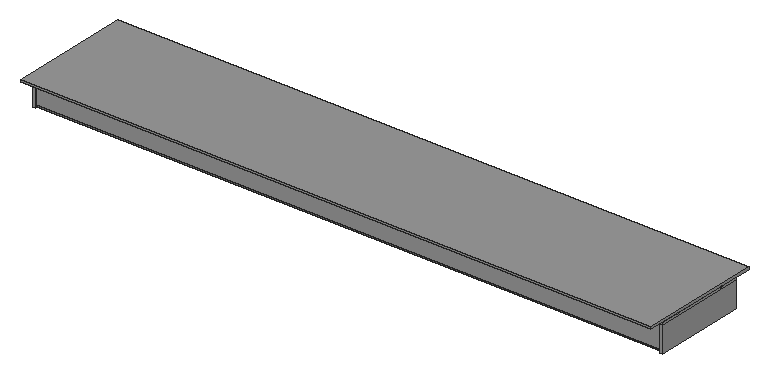
Revit family "Berica 2.2 M", category Lighting Fixtures, Revit 2020 (continued)
Definition of nested family "Light Source Berica 2.2"
  Types (4, lengths in mm): name | Photometric Web File | built-in parameter 1150142
      1.12 919.09 916.67 913.10 910.20 906.23 902.30 \r\n897.83 893.90 889.11 884.05 878.28 872.60 866.54 859.98 \r\n853.36 846.15 838.51 829.69 822.10 812.25 805.30 795.67 \r\n786.46 776.91 766.63 755.61 745.43 734.36 721.80 709.77 \r\n695.84 684.51 669.72 656.24 641.51 627.11 612.48 598.72 \r\n581.60 567.31 550.28 534.05 517.91 501.27 484.93 468.68 \r\n452.45 434.62 418.05 400.87 385.54 367.19 351.72 335.09 \r\n319.47 303.93 289.98 274.13 259.70 244.83 230.74 218.09 \r\n204.32 192.77 180.19 167.98 155.93 145.16 133.55 123.97 \r\n112.44 104.06 95.13 86.96 78.93 71.88 64.69 58.29 52.78 \r\n48.78 47.87 48.78 52.78 58.29 64.69 71.88 78.93 86.96 \r\n95.13 104.06 112.44 123.97 133.55 145.16 155.93 167.98 \r\n180.19 192.77 204.32 218.09 230.74 244.83 259.70 274.13 \r\n289.98 303.93 319.47 335.09 351.72 367.19 385.54 400.87 \r\n418.05 434.62 452.45 468.68 484.93 501.27 517.91 534.05 \r\n550.28 567.31 581.60 598.72 612.48 627.11 641.51 656.24 \r\n669.72 684.51 695.84 709.77 721.80 734.36 745.43 755.61 \r\n766.63 776.91 786.46 795.67 805.30 812.25 822.10 829.69 \r\n838.51 846.15 853.36 859.98 866.54 872.60 878.28 884.05 \r\n889.11 893.90 897.83 902.30 906.23 910.20 913.10 916.67 \r\n919.09 921.12 923.18 925.34 927.51 929.86 931.84 933.14 \r\n933.37 933.31 933.48 \r\n933.48 933.28 933.33 932.62 931.11 929.56 927.07 924.88 \r\n922.54 920.25 917.75 914.91 911.53 907.52 904.10 899.66 \r\n895.46 890.83 885.82 879.90 873.45 867.07 860.84 853.63 \r\n845.89 838.02 829.68 821.52 811.40 801.82 793.36 783.37 \r\n772.84 762.61 751.51 740.03 728.00 715.26 702.82 687.99 \r\n674.69 661.34 646.34 630.88 615.90 598.35 583.10 566.02 \r\n549.80 532.00 514.04 495.95 479.51 460.46 443.83 425.62 \r\n407.58 390.92 371.81 356.12 339.26 322.24 305.55 290.49 \r\n273.42 260.21 244.31 230.89 216.53 202.67 190.08 177.99 \r\n165.97 154.55 143.62 132.22 122.31 111.11 101.99 92.82 \r\n84.08 75.01 67.31 59.18 52.07 44.71 37.78 31.55 25.73 \r\n21.81 20.48 21.81 25.73 31.55 37.78 44.71 52.07 59.18 \r\n67.31 75.01 84.08 92.82 101.99 111.11 122.31 132.22 \r\n143.62 154.55 165.97 177.99 190.08 202.67 216.53 230.89 \r\n244.31 260.21 273.42 290.49 305.55 322.24 339.26 356.12 \r\n371.81 390.92 407.58 425.62 443.83 460.46 479.51 495.95 \r\n514.04 532.00 549.80 566.02 583.10 598.35 615.90 630.88 \r\n646.34 661.34 674.69 687.99 702.82 715.26 728.00 740.03 \r\n751.51 762.61 772.84 783.37 793.36 801.82 811.40 821.52 \r\n829.68 838.02 845.89 853.63 860.84 867.07 873.45 879.90 \r\n885.82 890.83 895.46 899.66 904.10 907.52 911.53 914.91 \r\n917.75 920.25 922.54 924.88 927.07 929.56 931.11 932.62 \r\n933.33 933.28 933.48 \r\n933.48 933.55 933.81 933.17 932.20 930.48 928.17 925.45 \r\n923.11 921.02 918.60 915.47 912.42 908.38 904.02 899.59 \r\n895.82 891.03 885.89 880.22 873.23 866.13 859.12 853.04 \r\n844.82 837.13 827.98 819.02 809.56 799.84 790.27 779.49 \r\n768.61 757.40 747.06 734.44 721.98 708.44 694.83 680.47 \r\n666.73 650.99 636.76 620.38 604.33 586.64 570.11 552.79 \r\n534.95 517.52 499.28 480.86 460.95 442.49 423.45 406.70 \r\n387.16 369.15 351.53 333.96 316.11 299.11 282.12 266.57 \r\n249.35 235.50 221.62 206.85 193.29 179.59 166.56 154.07 \r\n142.31 130.56 120.63 109.40 99.69 89.22 80.73 70.83 63.05 \r\n54.56 47.32 39.74 32.69 26.08 19.66 13.65 8.62 4.82 3.65 \r\n4.82 8.62 13.65 19.66 26.08 32.69 39.74 47.32 54.56 63.05 \r\n70.83 80.73 89.22 99.69 109.40 120.63 130.56 142.31 \r\n154.07 166.56 179.59 193.29 206.85 221.62 235.50 249.35 \r\n266.57 282.12 299.11 316.11 333.96 351.53 369.15 387.16 \r\n406.70 423.45 442.49 460.95 480.86 499.28 517.52 534.95 \r\n552.79 570.11 586.64 604.33 620.38 636.76 650.99 666.73 \r\n680.47 694.83 708.44 721.98 734.44 747.06 757.40 768.61 \r\n779.49 790.27 799.84 809.56 819.02 827.98 837.13 844.82 \r\n853.04 859.12 866.13 873.23 880.22 885.89 891.03 895.82 \r\n899.59 904.02 908.38 912.42 915.47 918.60 921.02 923.11 \r\n925.45 928.17 930.48 932.20 933.17 933.81 933.55 933.48 \r\n933.48 933.41 933.25 932.61 931.63 929.39 927.45 924.74 \r\n922.05 919.53 916.91 914.69 910.47 906.88 901.86 898.03 \r\n893.75 888.68 883.73 878.31 871.47 864.46 857.69 850.73 \r\n843.57 835.20 826.10 817.01 806.80 796.43 787.71 776.42 \r\n766.30 754.06 742.47 729.96 717.35 704.31 691.56 677.63 \r\n662.51 648.44 631.73 617.28 599.94 584.33 566.80 549.28 \r\n530.59 514.45 493.32 476.34 456.13 437.29 420.19 399.36 \r\n381.94 362.79 344.65 326.20 310.11 290.91 274.93 258.43 \r\n242.24 226.74 211.35 197.39 182.87 169.91 156.56 144.24 \r\n131.59 120.84 108.15 98.24 87.29 77.98 68.39 60.39 52.74 \r\n45.56 38.39 31.96 25.79 19.60 14.06 8.84 4.93 1.96 1.12 \r\n1.96 4.93 8.84 14.06 19.60 25.79 31.96 38.39 45.56 52.74 \r\n60.39 68.39 77.98 87.29 98.24 108.15 120.84 131.59 144.24 \r\n156.56 169.91 182.87 197.39 211.35 226.74 242.24 258.43 \r\n274.93 290.91 310.11 326.20 344.65 362.79 381.94 399.36 \r\n420.19 437.29 456.13 476.34 493.32 514.45 530.59 549.28 \r\n566.80 584.33 599.94 617.28 631.73 648.44 662.51 677.63 \r\n691.56 704.31 717.35 729.96 742.47 754.06 766.30 776.42 \r\n787.71 796.43 806.80 817.01 826.10 835.20 843.57 850.73 \r\n857.69 864.46 871.47 878.31 883.73 888.68 893.75 898.03 \r\n901.86 906.88 910.47 914.69 916.91 919.53 922.05 924.74 \r\n927.45 929.39 931.63 932.61 933.25 933.41 933.48 \r\n933.48 933.71 933.33 932.39 931.15 929.30 927.01 924.27 \r\n921.67 918.78 916.69 913.45 910.35 905.70 900.94 896.95 \r\n892.66 887.50 883.00 876.91 870.76 864.11 857.32 850.32 \r\n843.05 834.42 825.67 816.40 805.20 795.53 784.04 773.82 \r\n761.17 749.20 736.74 724.64 711.42 699.16 685.89 672.50 \r\n659.44 644.44 631.59 615.48 601.19 584.58 569.16 552.44 \r\n536.70 519.42 502.29 484.81 465.53 447.38 427.75 411.28 \r\n390.80 372.83 353.23 334.29 313.91 297.10 277.02 258.40 \r\n239.63 221.72 205.02 187.59 171.86 156.34 140.77 125.96 \r\n112.84 98.13 86.85 73.68 63.48 53.19 46.07 39.60 34.19 \r\n28.66 24.28 19.73 15.32 11.37 7.58 4.53 2.18 0.92 0.59 \r\n0.92 2.18 4.53 7.58 11.37 15.32 19.73 24.28 28.66 34.19 \r\n39.60 46.07 53.19 63.48 73.68 86.85 98.13 112.84 125.96 \r\n140.77 156.34 171.86 187.59 205.02 221.72 239.63 258.40 \r\n277.02 297.10 313.91 334.29 353.23 372.83 390.80 411.28 \r\n427.75 447.38 465.53 484.81 502.29 519.42 536.70 552.44 \r\n569.16 584.58 601.19 615.48 631.59 644.44 659.44 672.50 \r\n685.89 699.16 711.42 724.64 736.74 749.20 761.17 773.82 \r\n784.04 795.53 805.20 816.40 825.67 834.42 843.05 850.32 \r\n857.32 864.11 870.76 876.91 883.00 887.50 892.66 896.95 \r\n900.94 905.70 910.35 913.45 916.69 918.78 921.67 924.27 \r\n927.01 929.30 931.15 932.39 933.33 933.71 933.48 \r\n933.48 933.23 932.58 931.92 930.39 928.71 926.17 923.64 \r\n920.88 918.13 915.01 912.42 908.97 904.58 899.64 894.94 \r\n890.43 885.11 879.85 874.59 868.22 860.47 853.46 844.86 \r\n837.73 828.90 821.17 812.35 802.82 792.68 783.31 773.01 \r\n762.38 752.35 740.35 729.73 716.88 706.78 695.52 683.65 \r\n671.02 659.06 646.45 633.23 619.36 604.52 590.47 573.44 \r\n558.42 540.22 523.31 504.82 486.17 465.28 447.01 426.80 \r\n405.80 383.76 361.03 339.53 315.84 293.63 269.21 245.64 \r\n220.50 198.31 172.34 150.60 125.45 101.77 79.87 65.04 \r\n55.13 47.92 42.07 36.81 31.76 26.78 22.80 18.90 16.19 \r\n13.40 11.06 8.72 6.62 4.50 2.81 1.40 0.68 0.41 0.37 0.41 \r\n0.68 1.40 2.81 4.50 6.62 8.72 11.06 13.40 16.19 18.90 \r\n22.80 26.78 31.76 36.81 42.07 47.92 55.13 65.04 79.87 \r\n101.77 125.45 150.60 172.34 198.31 220.50 245.64 269.21 \r\n293.63 315.84 339.53 361.03 383.76 405.80 426.80 447.01 \r\n465.28 486.17 504.82 523.31 540.22 558.42 573.44 590.47 \r\n604.52 619.36 633.23 646.45 659.06 671.02 683.65 695.52 \r\n706.78 716.88 729.73 740.35 752.35 762.38 773.01 783.31 \r\n792.68 802.82 812.35 821.17 828.90 837.73 844.86 853.46 \r\n860.47 868.22 874.59 879.85 885.11 890.43 894.94 899.64 \r\n904.58 908.97 912.42 915.01 918.13 920.88 923.64 926.17 \r\n928.71 930.39 931.92 932.58 933.23 933.48 \r\n933.48 933.03 932.96 931.96 930.70 928.42 925.87 923.44 \r\n920.34 918.05 914.75 911.88 908.21 903.34 897.55 892.24 \r\n886.51 880.56 875.39 868.90 862.56 856.80 849.74 844.13 \r\n837.77 831.07 823.97 816.66 808.32 799.67 791.34 782.70 \r\n772.96 763.07 754.09 744.40 734.03 724.57 714.19 703.53 \r\n692.58 681.19 669.26 656.19 643.20 629.96 615.31 600.37 \r\n584.45 566.29 548.00 527.25 504.97 481.05 455.58 429.35 \r\n399.18 366.43 333.65 294.77 256.40 216.02 170.81 130.81 \r\n94.02 72.06 58.14 49.95 44.07 39.01 34.04 29.93 25.72 \r\n21.75 18.14 14.78 11.96 10.16 8.90 7.68 6.56 5.44 4.51 \r\n3.51 2.63 1.81 1.11 0.62 0.39 0.32 0.32 0.32 0.39 0.62 \r\n1.11 1.81 2.63 3.51 4.51 5.44 6.56 7.68 8.90 10.16 11.96 \r\n14.78 18.14 21.75 25.72 29.93 34.04 39.01 44.07 49.95 \r\n58.14 72.06 94.02 130.81 170.81 216.02 256.40 294.77 \r\n333.65 366.43 399.18 429.35 455.58 481.05 504.97 527.25 \r\n548.00 566.29 584.45 600.37 615.31 629.96 643.20 656.19 \r\n669.26 681.19 692.58 703.53 714.19 724.57 734.03 744.40 \r\n754.09 763.07 772.96 782.70 791.34 799.67 808.32 816.66 \r\n823.97 831.07 837.77 844.13 849.74 856.80 862.56 868.90 \r\n875.39 880.56 886.51 892.24 897.55 903.34 908.21 911.88 \r\n914.75 918.05 920.34 923.44 925.87 928.42 930.70 931.96 \r\n932.96 933.03 933.48 \r\n933.48 933.02 932.38 931.45 930.11 927.45 925.74 922.60 \r\n919.96 917.10 913.59 910.17 905.27 900.06 893.68 887.30 \r\n881.59 876.79 872.35 868.01 863.11 858.15 852.76 846.62 \r\n841.35 836.00 830.07 824.29 817.68 811.13 804.63 796.91 \r\n789.06 780.47 772.07 764.10 755.44 746.39 738.04 728.69 \r\n719.47 709.41 697.26 685.03 672.75 656.02 639.67 619.79 \r\n597.34 571.76 541.48 509.53 469.80 424.45 375.41 318.12 \r\n258.83 199.77 137.47 92.31 66.56 52.38 44.47 39.20 34.65 \r\n30.93 27.28 24.09 21.13 18.03 14.93 12.04 9.32 6.68 5.19 \r\n4.75 4.32 3.89 3.47 3.06 2.63 2.21 1.83 1.44 1.09 0.74 \r\n0.47 0.33 0.27 0.27 0.27 0.27 0.27 0.33 0.47 0.74 1.09 \r\n1.44 1.83 2.21 2.63 3.06 3.47 3.89 4.32 4.75 5.19 6.68 \r\n9.32 12.04 14.93 18.03 21.13 24.09 27.28 30.93 34.65 \r\n39.20 44.47 52.38 66.56 92.31 137.47 199.77 258.83 318.12 \r\n375.41 424.45 469.80 509.53 541.48 571.76 597.34 619.79 \r\n639.67 656.02 672.75 685.03 697.26 709.41 719.47 728.69 \r\n738.04 746.39 755.44 764.10 772.07 780.47 789.06 796.91 \r\n804.63 811.13 817.68 824.29 830.07 836.00 841.35 846.62 \r\n852.76 858.15 863.11 868.01 872.35 876.79 881.59 887.30 \r\n893.68 900.06 905.27 910.17 913.59 917.10 919.96 922.60 \r\n925.74 927.45 930.11 931.45 932.38 933.02 933.48 \r\n933.48 932.99 932.47 931.74 930.31 928.06 925.82 923.10 \r\n920.31 916.55 912.77 908.52 902.81 896.55 891.40 886.38 \r\n882.82 878.48 874.82 870.84 866.20 862.05 857.82 853.16 \r\n848.67 844.28 839.88 835.67 829.90 824.80 819.16 813.50 \r\n807.45 801.76 794.83 789.37 782.05 774.19 765.94 755.94 \r\n745.57 732.53 718.09 699.49 677.66 649.28 619.63 575.37 \r\n533.94 476.35 408.99 335.99 258.78 187.19 119.59 83.32 \r\n63.75 53.57 45.51 40.71 35.78 32.12 28.34 25.23 22.48 \r\n19.48 16.64 13.76 10.75 8.07 5.16 3.06 2.62 2.41 2.22 \r\n2.04 1.84 1.64 1.46 1.26 1.07 0.90 0.71 0.56 0.42 0.31 \r\n0.24 0.22 0.22 0.22 0.22 0.22 0.22 0.22 0.24 0.31 0.42 \r\n0.56 0.71 0.90 1.07 1.26 1.46 1.64 1.84 2.04 2.22 2.41 \r\n2.62 3.06 5.16 8.07 10.75 13.76 16.64 19.48 22.48 25.23 \r\n28.34 32.12 35.78 40.71 45.51 53.57 63.75 83.32 119.59 \r\n187.19 258.78 335.99 408.99 476.35 533.94 575.37 619.63 \r\n649.28 677.66 699.49 718.09 732.53 745.57 755.94 765.94 \r\n774.19 782.05 789.37 794.83 801.76 807.45 813.50 819.16 \r\n824.80 829.90 835.67 839.88 844.28 848.67 853.16 857.82 \r\n862.05 866.20 870.84 874.82 878.48 882.82 886.38 891.40 \r\n896.55 902.81 908.52 912.77 916.55 920.31 923.10 925.82 \r\n928.06 930.31 931.74 932.47 932.99 933.48 \r\n933.48 932.83 931.72 931.25 929.46 927.65 925.28 922.43 \r\n918.63 914.55 909.56 904.16 898.48 894.72 891.37 887.94 \r\n884.67 881.07 877.57 874.43 871.41 867.85 865.38 862.17 \r\n858.20 854.64 851.46 848.15 844.39 840.99 837.46 833.75 \r\n829.28 824.35 818.65 813.00 804.64 794.83 783.75 769.06 \r\n750.61 726.29 692.25 654.40 603.86 538.31 463.33 379.14 \r\n291.69 203.90 137.99 90.99 70.83 58.25 50.84 44.77 39.99 \r\n35.84 32.29 28.99 25.72 22.92 20.00 17.28 14.11 11.44 \r\n8.72 5.69 2.93 1.49 1.33 1.23 1.14 1.05 0.97 0.87 0.78 \r\n0.68 0.60 0.51 0.43 0.36 0.30 0.24 0.20 0.19 0.18 0.18 \r\n0.18 0.18 0.18 0.18 0.18 0.18 0.18 0.19 0.20 0.24 0.30 \r\n0.36 0.43 0.51 0.60 0.68 0.78 0.87 0.97 1.05 1.14 1.23 \r\n1.33 1.49 2.93 5.69 8.72 11.44 14.11 17.28 20.00 22.92 \r\n25.72 28.99 32.29 35.84 39.99 44.77 50.84 58.25 70.83 \r\n90.99 137.99 203.90 291.69 379.14 463.33 538.31 603.86 \r\n654.40 692.25 726.29 750.61 769.06 783.75 794.83 804.64 \r\n813.00 818.65 824.35 829.28 833.75 837.46 840.99 844.39 \r\n848.15 851.46 854.64 858.20 862.17 865.38 867.85 871.41 \r\n874.43 877.57 881.07 884.67 887.94 891.37 894.72 898.48 \r\n904.16 909.56 914.55 918.63 922.43 925.28 927.65 929.46 \r\n931.25 931.72 932.83 933.48 \r\n933.48 932.76 931.97 930.63 929.04 927.53 925.42 922.02 \r\n918.22 913.14 906.72 902.00 898.80 895.99 893.45 890.79 \r\n887.72 885.02 882.29 879.31 877.37 875.82 873.94 871.54 \r\n869.66 867.34 865.10 863.21 861.35 859.49 857.49 854.29 \r\n850.26 844.58 837.20 827.52 813.92 796.51 772.88 740.11 \r\n698.40 639.46 570.04 474.86 375.29 277.48 184.65 122.60 \r\n84.83 68.38 59.30 51.94 45.98 41.36 37.09 33.64 30.48 \r\n27.39 24.76 21.76 18.98 16.12 13.26 10.46 7.45 4.20 1.80 \r\n0.64 0.57 0.53 0.49 0.45 0.42 0.38 0.35 0.32 0.28 0.25 \r\n0.23 0.20 0.18 0.17 0.16 0.15 0.15 0.15 0.15 0.15 0.14 \r\n0.14 0.14 0.14 0.14 0.15 0.15 0.15 0.15 0.15 0.16 0.17 \r\n0.18 0.20 0.23 0.25 0.28 0.32 0.35 0.38 0.42 0.45 0.49 \r\n0.53 0.57 0.64 1.80 4.20 7.45 10.46 13.26 16.12 18.98 \r\n21.76 24.76 27.39 30.48 33.64 37.09 41.36 45.98 51.94 \r\n59.30 68.38 84.83 122.60 184.65 277.48 375.29 474.86 \r\n570.04 639.46 698.40 740.11 772.88 796.51 813.92 827.52 \r\n837.20 844.58 850.26 854.29 857.49 859.49 861.35 863.21 \r\n865.10 867.34 869.66 871.54 873.94 875.82 877.37 879.31 \r\n882.29 885.02 887.72 890.79 893.45 895.99 898.80 902.00 \r\n906.72 913.14 918.22 922.02 925.42 927.53 929.04 930.63 \r\n931.97 932.76 933.48 \r\n933.48 932.48 931.40 930.02 928.65 926.62 924.27 921.14 \r\n915.76 910.17 905.04 901.49 899.15 897.13 895.25 893.36 \r\n891.11 888.89 887.36 885.90 884.51 883.66 882.86 882.28 \r\n881.69 881.06 880.57 879.91 879.13 877.78 875.13 870.72 \r\n864.48 854.52 840.19 821.36 792.00 751.73 697.70 623.14 \r\n534.46 417.69 315.73 211.96 137.02 93.77 72.96 63.06 \r\n55.39 49.26 44.28 39.90 36.20 32.86 29.71 26.97 24.24 \r\n21.56 18.89 16.01 13.16 10.33 7.38 3.98 1.63 0.25 0.21 \r\n0.19 0.18 0.18 0.17 0.17 0.16 0.16 0.15 0.15 0.15 0.14 \r\n0.14 0.14 0.13 0.13 0.13 0.12 0.12 0.12 0.12 0.12 0.12 \r\n0.12 0.12 0.12 0.12 0.12 0.12 0.12 0.12 0.12 0.13 0.13 \r\n0.13 0.14 0.14 0.14 0.15 0.15 0.15 0.16 0.16 0.17 0.17 \r\n0.18 0.18 0.19 0.21 0.25 1.63 3.98 7.38 10.33 13.16 16.01 \r\n18.89 21.56 24.24 26.97 29.71 32.86 36.20 39.90 44.28 \r\n49.26 55.39 63.06 72.96 93.77 137.02 211.96 315.73 417.69 \r\n534.46 623.14 697.70 751.73 792.00 821.36 840.19 854.52 \r\n864.48 870.72 875.13 877.78 879.13 879.91 880.57 881.06 \r\n881.69 882.28 882.86 883.66 884.51 885.90 887.36 888.89 \r\n891.11 893.36 895.25 897.13 899.15 901.49 905.04 910.17 \r\n915.76 921.14 924.27 926.62 928.65 930.02 931.40 932.48 \r\n933.48 \r\n933.48 932.64 931.57 930.04 928.57 927.06 924.07 920.00 \r\n914.59 908.47 905.18 902.29 900.46 899.12 897.58 896.32 \r\n895.10 894.53 893.69 893.64 893.32 893.06 893.45 894.19 \r\n895.10 895.40 895.63 895.44 894.91 892.42 887.68 879.29 \r\n867.52 846.11 818.27 777.23 714.81 629.83 522.41 411.33 \r\n289.93 186.39 121.51 85.85 70.22 61.53 54.50 48.78 43.88 \r\n39.79 36.03 32.89 29.87 27.41 24.67 21.95 19.24 16.56 \r\n13.70 10.86 8.09 4.61 2.22 0.26 0.17 0.15 0.14 0.14 0.13 \r\n0.13 0.13 0.12 0.12 0.12 0.11 0.11 0.11 0.11 0.10 0.10 \r\n0.10 0.10 0.10 0.10 0.09 0.09 0.09 0.09 0.09 0.09 0.09 \r\n0.09 0.09 0.09 0.09 0.09 0.09 0.10 0.10 0.10 0.10 0.10 \r\n0.10 0.11 0.11 0.11 0.11 0.12 0.12 0.12 0.13 0.13 0.13 \r\n0.14 0.14 0.15 0.17 0.26 2.22 4.61 8.09 10.86 13.70 16.56 \r\n19.24 21.95 24.67 27.41 29.87 32.89 36.03 39.79 43.88 \r\n48.78 54.50 61.53 70.22 85.85 121.51 186.39 289.93 411.33 \r\n522.41 629.83 714.81 777.23 818.27 846.11 867.52 879.29 \r\n887.68 892.42 894.91 895.44 895.63 895.40 895.10 894.19 \r\n893.45 893.06 893.32 893.64 893.69 894.53 895.10 896.32 \r\n897.58 899.12 900.46 902.29 905.18 908.47 914.59 920.00 \r\n924.07 927.06 928.57 930.04 931.57 932.64 933.48 \r\n933.48 932.74 931.29 930.18 927.93 926.12 923.05 918.44 \r\n912.39 908.38 905.51 903.23 901.87 900.72 900.24 9
